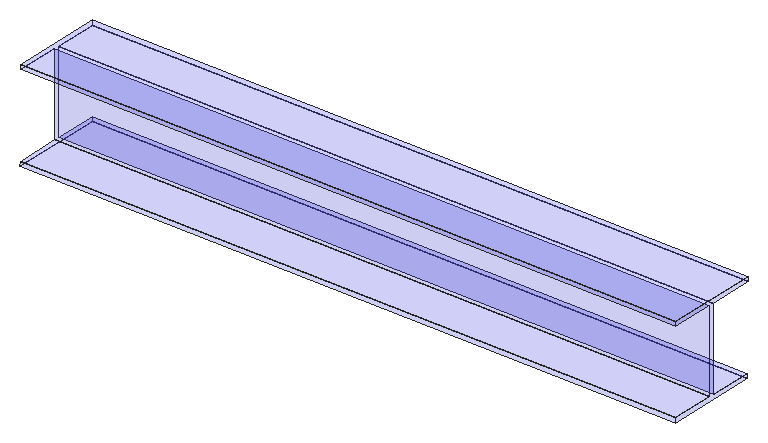
Revit family "Beam Clearance Family", category Generic Models, Revit 2017
Family settings
  Can host rebar = No
  Round Connector Dimension = Use Diameter
  Part Type = Normal
  Cut with Voids When Loaded = No
  Shared = No
  Room Calculation Point = No
Parameters
  Clearance Web Thickness [instance] = 0' - 0 1/2"
  built-in parameter 1001306 [instance] = 6' - 0"
  Clearance Length [instance] = 6' - 0"
  Clearance Flange Thickness [instance] = 0' - 0 1/2"
  Clearance Width [instance] = 0' - 10"
  Clearance Height [instance] = 0' - 10"
Reference planes (in)
  plane 1 "Center (Front/Back)": y = 0
  plane 2: z = 0
  plane 3 "Left": x = 0
  plane 4 "Right": x = 72
  plane 5: z = -5
  plane 6: z = 5
  plane 7: z = 4.5
  plane 8: z = -4.5
  plane 9: y = 5
  plane 10: y = -5
  plane 11: y = -0.25
  plane 12: y = 0.25
  plane 13: x = 72
Forms (in)
  Extrusion 1, solid, material "Glass"
    sketch origin (0, 0, 0) x (0, 1, 0) y (0, 0, 1)
      loop
        line (5, 5) -> (-5, 5) -> (-5, 4.5) -> (-0.25, 4.5) -> (-0.25, -4.5) -> (-5, -4.5) -> (-5, -5) -> (5, -5) -> (5, -4.5) -> (0.25, -4.5) -> (0.25, 4.5) -> (5, 4.5) -> (5, 5)
    from 0 to 72
Lines and regions (in)
  reference lines
    curve 1: line (0, 0, 0) -> (72, 0, 0)
Dimensions and locks (in)
  "built-in parameter 1001306": plane 3 "Left" to plane 4 "Right"
  equal spacing: plane 12, plane 1 "Center (Front/Back)", plane 11
  "Clearance Web Thickness": plane 12 to plane 11
  equal spacing: plane 6, level, plane 5
  "Clearance Flange Thickness": plane 6 to plane 7
  "Clearance Height": plane 6 to plane 5
  equal spacing: plane 9, plane 1 "Center (Front/Back)", plane 10
  "Clearance Width": plane 9 to plane 10
  "Clearance Flange Thickness": plane 8 to plane 5
  "Clearance Length": plane 13 to plane 3 "Left"
  aligned and locked: plane 4 "Right" to curve 1
  aligned and locked: plane 1 "Center (Front/Back)" to curve 1
  aligned and locked: plane 3 "Left" to curve 1
  aligned and locked: level to plane 2
  aligned and locked: Extrusion 1 sketch curve to plane 6
  aligned and locked: Extrusion 1 sketch curve to plane 10  (x2)
  aligned and locked: Extrusion 1 sketch curve to plane 7
  aligned and locked: Extrusion 1 sketch curve to plane 11
  aligned and locked: plane 12 to Extrusion 1 sketch curve
  aligned and locked: plane 7 to Extrusion 1 sketch curve
  aligned and locked: plane 9 to Extrusion 1 sketch curve  (x2)
  aligned and locked: plane 8 to Extrusion 1 sketch curve
  aligned and locked: plane 5 to Extrusion 1 sketch curve
  aligned and locked: Extrusion 1 sketch curve to plane 8
  aligned and locked: Extrusion 1 to plane 3 "Left"
  aligned and locked: plane 13 to Extrusion 1
